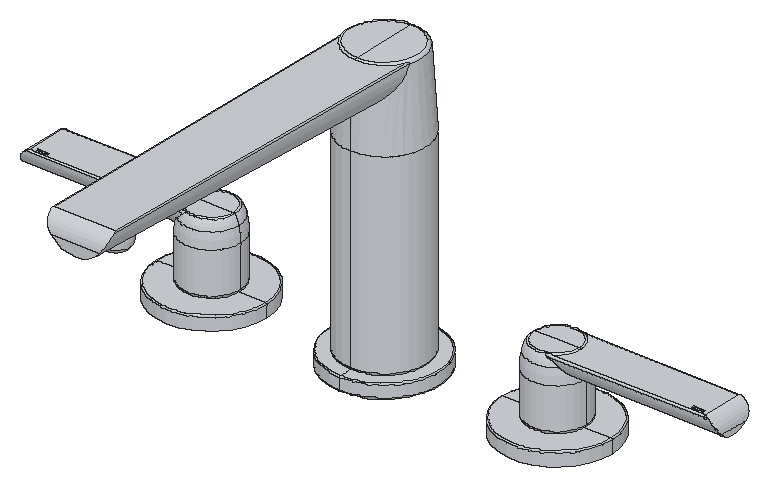
Revit family "Faucet-Deck_Mount-Bath-KOHLER-AVID-K-97363T_1", category Plumbing Fixtures, host Face, Revit 2017
Family settings
  Host = Face
  Round Connector Dimension = Use Diameter
  Part Type = Normal
  OmniClass Number = 23.31.11.00
  OmniClass Title = Faucets
  Cut with Voids When Loaded = No
  Shared = No
  Room Calculation Point = No
Parameters (values of type "9.25 GPM, CP-Polished Chrome")
  Width [instance] = Faucet Hole Spacing  # 8"
  WaterSense Certified = 1 = 0  # no
  Waste Water Outlet = "Waste Water Outlet"  # constant formula
  Waste Connection = 1 = 0  # no
  Vent Connection = 1 = 0  # no
  URL = "http://www.kohler.com.cn/en/"
  Type = 1
  Spout Reach = 7 51/64"  # constant formula
  Product Page URL = "http://www.kohler.com.cn/product/K-97363T/K-97363T-4-CP/"
  Product Name = "AVID"  # constant formula
  Product Documentation Link = ""
  Pressure = if(or(Type = 1, Type = 2), 60.00 psi, 45.00 psi)  # 60.00 psi
  Model = if(Type = 1, "K-97363T-4-CP", if(Type = 2, "K-97363T-4-TT", if(Type = 3, "K-97363T-4E-CP", if(Type = 4, "K-97363T-4E-TT", "NA"))))  # "K-97363T-4-CP"
  Material = "Premium Metal Construction"  # constant formula
  Master Format 2014 Name = "Residential Faucets, Supplies, and Trim"  # constant formula
  Master Format 2014 = "22 41 39"  # constant formula
  Manufacturer Address = "158 Jiangchang 3rd Road Zhabei District Shanghai, 200436 China"  # constant formula
  Manufacturer = "KOHLER Co."  # constant formula
  Length = Spout Reach  # 7 51/64"
  Hot Water Inlet = "Hot Water Inlet"  # constant formula
  Height = 6 109/128"  # constant formula
  Handle Clearance = 4 3/32"  # constant formula
  HW Connection = 1 = 1  # yes
  Flow Rate = if(or(Type = 1, Type = 2), 9.25 GPM, 12 GPM)  # 9.25 GPM
  Finish = Kohler-Metal-CP-Polished_Chrome
  Faucet Hole Spacing [instance] = 8"
  Environmental Product Declaration = ""
  Drain Included = 1 = 0  # no
  Description = if(or(Type = 1, Type = 2), "Cylinder side double handle bathtub faucet", if(or(Type = 3, Type = 4), "Two handle deckmount bath faucet", "NA"))  # "Cylinder side double handle bathtub faucet"
  Default Elevation = 36"
  Declare Label = ""
  Date Modified = "06/10/2020"  # constant formula
  Date Created = "06/10/2020"  # constant formula
  Copyright = "Copyright KOHLER Co."  # constant formula
  Contact Us = "http://www.kohler.com.cn/en/contact/contact-us/"
  Cold Water Inlet = "Cold Water Inlet"  # constant formula
  CW Connection = 1 = 1  # yes
  Assembly Code = "D2010"
  ADA Compliant = 1 = 0  # no
Types (5): name | Type | Product Page URL | Pressure | Model | Flow Rate | Finish | Description
  (no name) | 1 | "http://www.kohler.com.cn/product/K-97363T/K-97363T-4-CP/" | 60.00 psi | "K-97363T-4-CP" | 9.25 GPM | Kohler-Metal-CP-Polished_Chrome | "Cylinder side double handle bathtub faucet"
  9.25 GPM, CP-Polished Chrome | 1 | "http://www.kohler.com.cn/product/K-97363T/K-97363T-4-CP/" | 60.00 psi | "K-97363T-4-CP" | 9.25 GPM | Kohler-Metal-CP-Polished_Chrome | "Cylinder side double handle bathtub faucet"
  9.25 GPM, TT-Titanium Silver | 2 | "http://www.kohler.com.cn/product/K-97363T/K-97363T-4-TT/" | 60.00 psi | "K-97363T-4-TT" | 9.25 GPM | Kohler-Metal-TT-Titanium_Silver | "Cylinder side double handle bathtub faucet"
  12 GPM, CP-Polished Chrome | 3 | "" | 45.00 psi | "K-97363T-4E-CP" | 12 GPM | Kohler-Metal-CP-Polished_Chrome | "Two handle deckmount bath faucet"
  12 GPM, TT-Titanium Silver | 4 | "" | 45.00 psi | "K-97363T-4E-TT" | 12 GPM | Kohler-Metal-TT-Titanium_Silver | "Two handle deckmount bath faucet"
Reference planes (in)
  plane 1 "Center (Front/Back)": y = 0
  plane 2: z = 0
  plane 3 "Center (Left/Right)": x = 0
  plane 4: x = -4
  plane 5: x = 4
  plane 6: x = -1.27953
  plane 7: x = 1.27953
  plane 8: y = 1.27953
  plane 9: y = -1.27953
  plane 10: x = -5.27953
  plane 11: x = -2.72047
  plane 12: x = -8.09375
  plane 13: x = 5.27953
  plane 14: x = 2.72047
  plane 15: x = 8.09375
  plane 16: z = 1.9685
  plane 17: z = 0.3125
  plane 18: x = -4.6811
  plane 19: x = -3.3189
  plane 20: x = 3.3189
  plane 21: x = 4.6811
  plane 22: y = 0.96875
  plane 23: y = -0.96875
  plane 24: y = 0.68111
  plane 25: y = -0.68111
  plane 26: z = 5.98425
  plane 27: z = 6.85156
  plane 28: y = -8.95251
  plane 29: y = -7.79688
Dimensions and locks (in)
  equal spacing: plane 4, plane 3 "Center (Left/Right)", plane 5
  "Height": plane 27 to plane 2
  plane 26 to plane 2 = 5.98425"
  "Spout Reach": plane 1 "Center (Front/Back)" to plane 29
  locked: plane 9 to plane 8 at 2.55906
  locked: plane 6 to plane 7 at 2.55906
  "Handle Clearance": plane 4 to plane 12
  plane 16 to plane 2 = 1.9685"
  "Handle Clearance": plane 5 to plane 15
  locked: plane 4 to plane 18 at 0.6811
  locked: plane 18 to plane 19 at 1.3622
  locked: plane 4 to plane 10 at 1.27953
  locked: plane 11 to plane 10 at 2.55906
  locked: plane 5 to plane 21 at 0.6811
  locked: plane 20 to plane 21 at 1.3622
  locked: plane 5 to plane 13 at 1.27953
  locked: plane 14 to plane 13 at 2.55906
  "Faucet Hole Spacing": plane 4 to plane 5
  locked: plane 1 "Center (Front/Back)" to plane 28 at 8.95251
  aligned and locked: plane 2 to host face
  aligned and locked: level to host face
  aligned and locked: nested 2 to plane 4
  aligned and locked: nested 3 to plane 5
  aligned and locked: nested 3 to plane 1 "Center (Front/Back)"
  aligned and locked: plane 1 "Center (Front/Back)" to nested 2
  aligned and locked: plane 1 "Center (Front/Back)" to nested 1
  aligned and locked: plane 3 "Center (Left/Right)" to nested 1
Automatic sketch dimensions
  host sketch curve to host sketch curve = 96"  (x2)
Nested families (in)
  nested 1: "K-97363T" at (0, 0, 0), type "K-97363T"
  nested 2: "K-97363T_Handle_Left" at (1.90551, 0, 0), type "K-97363T_Handle_Left"
  nested 3: "K-97363T_Handle_Right" at (-1.90551, 0, 0) x (-1, 0, 0) z (0, 0, 1), type "K-97363T_Handle_Right"
Connectors (in)
  piping at (-4, 0, 0), diameter 0.5, driven by "Flow Rate", driven by "Pressure", driven by "HW Connection", driven by "Hot Water Inlet"
    settings: on nested 2, index 1, connector inside diameter 24", connector length 0", flow factor 0, pipe flow 9.25 GPM, pressure drop 60.00 psi, fitting loss kfactor 0, connector angle 0.00°, fixture units 0, engagement length 0", angle of deflection 0.00°, flow configuration 1, flow direction 1, fitting loss method 4, system type 19, joint type 0, gender type 0, connector reference index -1, connector utility 1, adjustable connector no, is connector primary yes, connector description "Hot Water Inlet"
  piping at (4, 0, 0), diameter 0.5, driven by "Flow Rate", driven by "Pressure", driven by "CW Connection", driven by "Cold Water Inlet"
    settings: on nested 3, index 2, connector inside diameter 24", connector length 0", flow factor 0, pipe flow 9.25 GPM, pressure drop 60.00 psi, fitting loss kfactor 0, connector angle 0.00°, fixture units 0, engagement length 0", angle of deflection 0.00°, flow configuration 1, flow direction 1, fitting loss method 4, system type 20, joint type 0, gender type 0, connector reference index -1, connector utility 1, adjustable connector no, is connector primary no, connector description "Cold Water Inlet"
Definition of nested family "K-97363T"
  Parameters (values of type "K-97363T")
    Material = none
    Length = 2 9/16"
  Reference planes (in)
    plane 1 "Center (Front/Back)": y = 0
    plane 2: z = 0
    plane 3 "Center (Left/Right)": x = 0
    plane 4: y = 1.27953
    plane 5: y = -1.27953
    plane 6: y = 0.96875
    plane 7: y = -0.96875
    plane 8: x = -1.27953
    plane 9: x = 1.27953
    plane 10: y = 1.27953
    plane 11: y = -1.27953
    plane 12: y = -7.79528
    plane 13: z = 5.98425
    plane 14: z = 6.85039
    plane 15: y = 0.96875
    plane 16: y = -0.96875
    plane 17: y = -8.95251
    plane 18: x = -0.96875
    plane 19: x = 0.96875
    plane 20: z = 0.3125
  Forms (in)
    Revolve 1, solid, material <- "Material", detail levels medium+fine
      sketch origin (0, 0, 0) x (0, 1, 0) y (0, 0, 1)
        loop
          line (0, 6.70949) -> (0, 0) -> (1.25958, 0)
          arc (1.25958, 0) -> (1.27369, 0.00584) -> (1.27953, 0.01995) r 0.01995
          line (1.27953, 0.01995) -> (1.27953, 0.29105)
          arc (1.27953, 0.29105) -> (1.27325, 0.30622) -> (1.25808, 0.3125) r 0.02145
          line (1.25808, 0.3125) -> (0.93636, 0.3125)
          arc (0.93636, 0.3125) -> (0.95954, 0.32531) -> (0.96875, 0.35014) r 0.03806
          line (0.96875, 0.35014) -> (0.96875, 4.84375)
          arc (0.96875, 4.84375) -> (0.94047, 5.73722) -> (0.85575, 6.62712) r 14.12906
          arc (0.85575, 6.62712) -> (0.8302, 6.6758) -> (0.77903, 6.6959) r 0.07872
          line (0.77903, 6.6959) -> (0, 6.70949)
        axis (0, 0) -> (0, 6.70949)
      angle from 0 to 360
    SweptBlend 2, solid, material <- "Material", detail levels medium+fine
      path origin (0, 0, 0) x (0, 1, 0) y (0, 0, 1)
        loop
          line (-9.3912, 6.82331) -> (-0.05044, 6.61628)
      profile origin (0, -9.3912, 6.82331) x (0, 0.022159, 0.999754) y (1, 0, 0)
        loop
          line (0.01235, -0.70312) -> (0.01235, 0.70312)
          arc (0.01235, 0.70312) -> (0.00297, 0.72366) -> (-0.01871, 0.73002) r 0.02718
          arc (-0.01871, 0.73002) -> (-0.46735, 0.4824) -> (-0.64025, 0) r 0.7251
          arc (-0.64025, 0) -> (-0.46735, -0.4824) -> (-0.01871, -0.73002) r 0.7251
          arc (-0.01871, -0.73002) -> (0.00297, -0.72366) -> (0.01235, -0.70312) r 0.02718
      end profile origin (0, -0.05044, 6.61628) x (0, 0.022159, 0.999754) y (1, 0, 0)
        loop
          line (0.04821, -0.77397) -> (0.04821, 0.77397)
          arc (0.04821, 0.77397) -> (0.04015, 0.79459) -> (0.02024, 0.80429) r 0.03041
          arc (0.02024, 0.80429) -> (-0.59181, 0.59307) -> (-0.85158, 0) r 0.8069
          arc (-0.85158, 0) -> (-0.59181, -0.59307) -> (0.02024, -0.80429) r 0.8069
          arc (0.02024, -0.80429) -> (0.04015, -0.79459) -> (0.04821, -0.77397) r 0.03041
    Extrusion 3, void
      sketch origin (0, 0, 0) x (0, 1, 0) y (0, 0, 1)
        loop
          arc (-8.9375, 6.4053) -> (-8.80631, 6.72202) -> (-8.48959, 6.85321) r 0.44791
          line (-8.48959, 6.85321) -> (-8.31413, 6.85321) -> (-8.31413, 7.35321) -> (-9.75164, 7.35321) -> (-9.75164, 5.71132) -> (-8.9375, 5.71132) -> (-8.9375, 6.4053)
      from -1.08131 to 1.96043
    Revolve 4, solid, material <- "Material", detail levels medium+fine
      sketch origin (0, -1.95446, -4.47327) x (0, 1, 0) y (0, 0, 1)
        loop
          line (-5.52175, 10.41682) -> (-5.49047, 10.41516)
          arc (-5.49047, 10.41516) -> (-5.47065, 10.56038) -> (-5.48979, 10.70568) r 0.55137
          line (-5.48979, 10.70568) -> (-5.8069, 10.72245) -> (-5.82679, 10.34628) -> (-5.56788, 10.33258)
          arc (-5.56788, 10.33258) -> (-5.53805, 10.37099) -> (-5.52175, 10.41682) r 0.1533
        axis (-5.8069, 10.72245) -> (-5.82679, 10.34628)
      angle from 0 to 360
    Revolve 5, solid, material <- "Material", detail levels coarse
      sketch origin (0, 0, 0) x (0, 1, 0) y (0, 0, 1)
        loop
          line (1.28125, 0) -> (1.28125, 0.3125) -> (0.96875, 0.3125) -> (0.96875, 6.8125) -> (0, 6.8125) -> (0, 0) -> (1.28125, 0)
        axis (0, 6.8125) -> (0, 0)
      angle from 0 to 360
    Extrusion 6, solid, material <- "Material", detail levels coarse
      sketch origin (0, 0, 0) x (0, 1, 0) y (0, 0, 1)
        loop
          line (0, 6.8125) -> (-8.9375, 6.8125) -> (-8.9375, 6.16136) -> (0, 6.16136) -> (0, 6.8125)
      from -0.80692 to 0.90427
  Cuts and joins
    Extrusion 3 cuts SweptBlend 2
    joined: Revolve 1, SweptBlend 2, Revolve 4
    joined: Revolve 5, Extrusion 6
  Lines and regions (in)
    Masking region 1
      outline origin (0, 0, 0) x (1, 0, 0) y (0, 1, 0)
        loop
          spline (-0.73586, -8.73329) -> (-0.73246, -8.76849) -> (-0.72726, -8.80114) -> (-0.72036, -8.83106) -> (-0.71161, -8.85795) -> (-0.70062, -8.88152) -> (-0.68717, -8.90164) -> (-0.67136, -8.91823) -> (-0.65303, -8.93131) -> (-0.63228, -8.94104) -> (-0.60934, -8.94763) -> (-0.58432, -8.95135) -> (-0.55715, -8.95251)
          line (-0.55715, -8.95251) -> (0.55543, -8.95251)
          spline (0.55543, -8.95251) -> (0.58268, -8.95132) -> (0.60782, -8.94757) -> (0.63075, -8.94099) -> (0.65138, -8.9313) -> (0.66962, -8.91823) -> (0.68543, -8.90161) -> (0.69889, -8.88152) -> (0.7099, -8.85797) -> (0.71861, -8.83105) -> (0.72556, -8.80116) -> (0.73077, -8.76851) -> (0.73413, -8.7333)
          line (0.73413, -8.7333) -> (0.79697, -1.00322)
          arc (0.79697, -1.00322) -> (1.1542, -0.55717) -> (1.28125, 0) r 1.27769
          arc (1.28125, 0) -> (0.90537, 0.90487) -> (0, 1.27953) r 1.28125
          arc (0, 1.27953) -> (-0.90537, 0.90487) -> (-1.28125, 0) r 1.28125
          arc (-1.28125, 0) -> (-1.1542, -0.55717) -> (-0.79697, -1.00322) r 1.27769
          line (-0.79697, -1.00322) -> (-0.73586, -8.73329)
    Masking region 2
      outline origin (0, 0, 0) x (0, 1, 0) y (0, 0, 1)
        loop
          arc (1.27953, 0.29105) -> (1.27325, 0.30622) -> (1.25808, 0.3125) r 0.02145
          line (1.25808, 0.3125) -> (0.93636, 0.3125)
          arc (0.93636, 0.3125) -> (0.95954, 0.32531) -> (0.96875, 0.35014) r 0.03806
          line (0.96875, 0.35014) -> (0.96875, 4.8125)
          arc (0.96875, 4.8125) -> (0.94047, 5.70597) -> (0.85575, 6.59587) r 14.12906
          arc (0.85575, 6.59587) -> (0.8302, 6.64455) -> (0.77903, 6.66465) r 0.07872
          line (0.77903, 6.66465) -> (0, 6.67824) -> (-0.77903, 6.66465) -> (-8.54478, 6.85039)
          arc (-8.54478, 6.85039) -> (-8.83517, 6.70711) -> (-8.95251, 6.4053) r 0.4468
          line (-8.95251, 6.4053) -> (-8.95251, 6.1968)
          arc (-8.95251, 6.1968) -> (-8.94244, 6.17167) -> (-8.91781, 6.16045) r 0.03639
          line (-8.91781, 6.16045) -> (-8.13294, 6.12383)
          arc (-8.13294, 6.12383) -> (-8.12981, 6.09374) -> (-8.12246, 6.06439) r 0.21319
          line (-8.12246, 6.06439) -> (-8.09118, 6.06274)
          arc (-8.09118, 6.06274) -> (-8.0798, 6.01545) -> (-8.05418, 5.97411) r 0.1533
          line (-8.05418, 5.97411) -> (-7.79528, 5.96042) -> (-7.53637, 5.94673)
          arc (-7.53637, 5.94673) -> (-7.50653, 5.98514) -> (-7.49023, 6.03096) r 0.1533
          line (-7.49023, 6.03096) -> (-7.45895, 6.0293)
          arc (-7.45895, 6.0293) -> (-7.44545, 6.05907) -> (-7.44226, 6.0916) r 0.10009
          line (-7.44226, 6.0916) -> (-1.29174, 5.80466)
          arc (-1.29174, 5.80466) -> (-1.04712, 5.68988) -> (-0.95499, 5.43587) r 0.35357
          arc (-0.95499, 5.43587) -> (-0.96531, 5.12426) -> (-0.96875, 4.8125) r 14.12906
          line (-0.96875, 4.8125) -> (-0.96875, 0.35014)
          arc (-0.96875, 0.35014) -> (-0.95954, 0.32531) -> (-0.93636, 0.3125) r 0.03806
          line (-0.93636, 0.3125) -> (-1.25808, 0.3125)
          arc (-1.25808, 0.3125) -> (-1.27325, 0.30622) -> (-1.27953, 0.29105) r 0.02145
          line (-1.27953, 0.29105) -> (-1.27953, 0.01995)
          arc (-1.27953, 0.01995) -> (-1.27369, 0.00584) -> (-1.25958, 0) r 0.01995
          line (-1.25958, 0) -> (0, 0) -> (1.25958, 0)
          arc (1.25958, 0) -> (1.27369, 0.00584) -> (1.27953, 0.01995) r 0.01995
          line (1.27953, 0.01995) -> (1.27953, 0.29105)
    Masking region 3
      outline origin (0, 0, 0) x (1, 0, 0) y (0, 0, 1)
        loop
          line (-1.27953, 0.29105) -> (-1.27953, 0.01995)
          arc (-1.27953, 0.01995) -> (-1.27369, 0.00584) -> (-1.25958, 0) r 0.01995
          line (-1.25958, 0) -> (0, 0) -> (1.25958, 0)
          arc (1.25958, 0) -> (1.27369, 0.00584) -> (1.27953, 0.01995) r 0.01995
          line (1.27953, 0.01995) -> (1.27953, 0.29105)
          arc (1.27953, 0.29105) -> (1.27325, 0.30622) -> (1.25808, 0.3125) r 0.02145
          line (1.25808, 0.3125) -> (0.93636, 0.3125)
          arc (0.93636, 0.3125) -> (0.95954, 0.32531) -> (0.96875, 0.35014) r 0.03806
          line (0.96875, 0.35014) -> (0.96875, 4.85039)
          arc (0.96875, 4.85039) -> (0.94047, 5.74387) -> (0.85575, 6.63376) r 14.12906
          arc (0.85575, 6.63376) -> (0.834, 6.67881) -> (0.78951, 6.70165) r 0.07872
          line (0.78951, 6.70165) -> (0.73747, 6.83392)
          arc (0.73747, 6.83392) -> (0.72792, 6.84589) -> (0.71329, 6.85039) r 0.02598
          line (0.71329, 6.85039) -> (-0.71329, 6.85039)
          arc (-0.71329, 6.85039) -> (-0.72792, 6.84589) -> (-0.73747, 6.83392) r 0.02598
          line (-0.73747, 6.83392) -> (-0.78951, 6.70165)
          arc (-0.78951, 6.70165) -> (-0.834, 6.67881) -> (-0.85575, 6.63376) r 0.07872
          arc (-0.85575, 6.63376) -> (-0.94047, 5.74387) -> (-0.96875, 4.85039) r 14.12906
          line (-0.96875, 4.85039) -> (-0.96875, 0.35014)
          arc (-0.96875, 0.35014) -> (-0.95954, 0.32531) -> (-0.93636, 0.3125) r 0.03806
          line (-0.93636, 0.3125) -> (-1.25808, 0.3125)
          arc (-1.25808, 0.3125) -> (-1.27325, 0.30622) -> (-1.27953, 0.29105) r 0.02145
    symbolic lines, detail levels medium+fine
      curve 1: spline (-0.2994, 0, 6.07732) -> (-0.33014, 0, 6.08396) -> (-0.32386, 0, 6.09084) -> (-0.28125, 0, 6.09722) -> (-0.20708, 0, 6.10236) -> (-0.10969, 0, 6.1057) -> (0, 0, 6.10685) -> (0.10969, 0, 6.1057) -> (0.20708, 0, 6.10236) -> (0.28125, 0, 6.09722) -> (0.32386, 0, 6.09084) -> (0.33014, 0, 6.08396) -> (0.2994, 0, 6.07732)
      curve 2: arc (-0.33219, 0, 6.08602) -> (-0.34243, 0, 6.16626) -> (-0.34428, 0, 6.24713) r 0.77883
      curve 3: spline (-0.25927, 0, 5.99794) -> (-0.25103, 0, 5.99452) -> (-0.22684, 0, 5.99131) -> (-0.18822, 0, 5.98853) -> (-0.13765, 0, 5.98634) -> (-0.07833, 0, 5.98489) -> (-0.01402, 0, 5.98427) -> (0.05117, 0, 5.98452) -> (0.11311, 0, 5.98562) -> (0.16786, 0, 5.98751) -> (0.21195, 0, 5.99006) -> (0.24256, 0, 5.99311) -> (0.25775, 0, 5.99647)
      curve 4: arc (-0.25927, 0, 5.99794) -> (-0.28954, 0, 6.04241) -> (-0.30085, 0, 6.09499) r 0.14033
      curve 5: arc (0.25775, 0, 5.99647) -> (0.28912, 0, 6.04143) -> (0.30085, 0, 6.09499) r 0.14033
      curve 6: arc (0.33219, 0, 6.08597) -> (0.34242, 0, 6.16624) -> (0.34428, 0, 6.24713) r 0.77883
      curve 7: line (0, -7.44226, 6.0916) -> (0, -8.13294, 6.12383)
      curve 8: line (0, 0.93636, 0.3125) -> (0, -0.93808, 0.3125)
      curve 9: line (-0.93808, 0, 0.3125) -> (0.93808, 0, 0.3125)
      curve 10: line (-0.80228, -0.53963, 0) -> (-0.79809, -1.00322, 0)
      curve 11: line (0.80228, -0.53963, 0) -> (0.79809, -1.00322, 0)
      curve 12: line (-0.73648, -8.65637, 0) -> (0.73648, -8.65637, 0)
      curve 13: arc (-0.96875, 0, 0) -> (-0.68501, 0.68501, 0) -> (0, 0.96875, 0) r 0.96875
      curve 14: arc (-0.80228, -0.53963, 0) -> (-0.92619, -0.28236, 0) -> (-0.96875, 0, 0) r 0.95788
      curve 15: arc (0.96875, 0, 0) -> (0.68501, 0.68501, 0) -> (0, 0.96875, 0) r 0.96875
      curve 16: arc (0.80228, -0.53963, 0) -> (0.92619, -0.28236, 0) -> (0.96875, 0, 0) r 0.95788
      curve 17: arc (0.80228, -0.27651, 0) -> (0, 0.8486, 0) -> (-0.80228, -0.27651, 0) r 0.8486
      curve 18: line (-0.80228, -0.53963, 0) -> (-0.80228, -0.27651, 0)
      curve 19: line (0.80228, -0.53963, 0) -> (0.80228, -0.27651, 0)
      curve 20: line (0, -7.49023, 6.03096) -> (0, -8.09118, 6.06274)
      curve 21: arc (-0.73747, 0, 6.83392) -> (-0.49875, 0, 6.35534) -> (0, 0, 6.16225) r 0.74069
      curve 22: arc (0.73747, 0, 6.83392) -> (0.49875, 0, 6.35534) -> (0, 0, 6.16225) r 0.74069
      curve 23: arc (-0.62158, 0, 6.08668) -> (-0.34147, 0, 5.8778) -> (0, 0, 5.80374) r 0.82425
      curve 24: arc (-0.78951, 0, 6.70165) -> (-0.77591, 0, 6.37495) -> (-0.62158, 0, 6.08668) r 0.73293
      curve 25: arc (0.62158, 0, 6.08668) -> (0.34147, 0, 5.8778) -> (0, 0, 5.80374) r 0.82425
      curve 26: arc (0.78951, 0, 6.70165) -> (0.77591, 0, 6.37495) -> (0.62158, 0, 6.08668) r 0.73293
  Dimensions and locks (in)
    locked: plane 8 to plane 9 at 2.55906
    locked: plane 11 to plane 10 at 2.55906
    locked: plane 1 "Center (Front/Back)" to plane 12 at 7.79528
    locked: plane 13 to plane 2 at 5.98425
    locked: plane 14 to plane 2 at 6.85039
    locked: plane 15 to plane 17 at 9.92126
    aligned and locked: plane 2 to level
Definition of nested family "K-97363T_Handle_Left"
  Parameters (values of type "K-97363T_Handle_Left")
    Material = none
    Length = 2 9/16"
  Reference planes (in)
    plane 1 "Center (Front/Back)": y = 0
    plane 2: z = 0
    plane 3 "Center (Left/Right)": x = 0
    plane 4: x = -5.90551
    plane 5: x = -7.18504
    plane 6: x = -4.62598
    plane 7: y = 1.27953
    plane 8: y = -1.27953
    plane 9: z = 1.9685
    plane 10: x = -10
    plane 11: x = -6.58661
    plane 12: x = -5.22441
    plane 13: z = 0.3125
  Forms (in)
    Revolve 1, solid, material <- "Material", detail levels medium+fine
      sketch origin (0, 0, 0) x (1, 0, 0) y (0, 0, 1)
        loop
          line (-5.90551, 0) -> (-4.62598, 0) -> (-4.62598, 0.28559)
          arc (-4.62598, 0.28559) -> (-4.63387, 0.30462) -> (-4.6529, 0.3125) r 0.02691
          line (-4.6529, 0.3125) -> (-5.51181, 0.3125) -> (-5.51181, 0.3492) -> (-5.26231, 0.3492)
          arc (-5.26231, 0.3492) -> (-5.23551, 0.3603) -> (-5.22441, 0.3871) r 0.0379
          line (-5.22441, 0.3871) -> (-5.22441, 1.34623)
          arc (-5.22441, 1.34623) -> (-5.23408, 1.52444) -> (-5.26296, 1.70056) r 1.64752
          arc (-5.26296, 1.70056) -> (-5.29976, 1.80999) -> (-5.35909, 1.90903) r 0.53732
          arc (-5.35909, 1.90903) -> (-5.37396, 1.92137) -> (-5.39277, 1.92579) r 0.04222
          line (-5.39277, 1.92579) -> (-5.90551, 1.92579) -> (-5.90551, 0)
        axis (-5.90551, 1.92579) -> (-5.90551, 0)
      angle from 0 to 360
    SweptBlend 2, solid, material <- "Material", detail levels medium+fine
      path origin (0, 0, -0.00692) x (1, 0, 0) y (0, 0, 1)
        loop
          line (-10.29578, 1.92126) -> (-5.90551, 1.92126)
      profile origin (-10.29578, 0, 1.91434) x (0, 0, 1) y (0, -1, 0)
        loop
          line (0, -0.49239) -> (0, 0.46996)
          arc (0, 0.46996) -> (-0.01132, 0.49592) -> (-0.03804, 0.5053) r 0.03543
          arc (-0.03804, 0.5053) -> (-0.39017, 0.32915) -> (-0.51644, -0.04378) r 0.5175
          arc (-0.51644, -0.04378) -> (-0.3674, -0.37525) -> (-0.03715, -0.52696) r 0.5175
          arc (-0.03715, -0.52696) -> (-0.01105, -0.51776) -> (0, -0.49239) r 0.03466
      end profile origin (-5.90551, 0, 1.91434) x (0, 0, 1) y (0, -1, 0)
        loop
          line (0, -0.49979) -> (0, 0.49192)
          arc (0, 0.49192) -> (-0.01276, 0.52094) -> (-0.04277, 0.53114) r 0.03937
          arc (-0.04277, 0.53114) -> (-0.38335, 0.35936) -> (-0.51129, 0) r 0.51317
          arc (-0.51129, 0) -> (-0.37325, -0.35052) -> (-0.04686, -0.53863) r 0.57064
          arc (-0.04686, -0.53863) -> (-0.0143, -0.53022) -> (0, -0.49979) r 0.03953
    Extrusion 3, void
      sketch origin (0, 0, 0.00615) x (1, 0, 0) y (0, 0, 1)
        loop
          line (-9.46428, 1.93637) -> (-9.46428, 2.47344) -> (-10.52387, 2.47344) -> (-10.52387, 0.95018) -> (-9.46428, 0.95018) -> (-9.46428, 1.25761) -> (-9.69971, 1.26181) -> (-9.69971, 1.35642) -> (-10.00158, 1.3618) -> (-9.99868, 1.52447)
          arc (-9.99868, 1.52447) -> (-9.87326, 1.81617) -> (-9.57938, 1.93637) r 0.41937
          line (-9.57938, 1.93637) -> (-9.46428, 1.93637)
      from -0.78377 to 0.6839
    Extrusion 4, solid, material <- "Material", detail levels medium+fine
      sketch origin (0, 0, 0) x (1, 0, 0) y (0, 1, 0)
        loop
          circle (-5.90551, 0) r 0.10312
      from 0 to 0.03765
    Revolve 5, solid, material <- "Material", detail levels coarse
      sketch origin (0, 0, 0) x (1, 0, 0) y (0, 0, 1)
        loop
          line (-5.90551, 1.90625) -> (-6.58661, 1.90625) -> (-6.58661, 0.3125) -> (-7.18676, 0.3125) -> (-7.18676, 0) -> (-5.90551, 0) -> (-5.90551, 1.90625)
        axis (-5.90551, 1.90625) -> (-5.90551, 0)
      angle from 0 to 360
    Extrusion 6, solid, material <- "Material", detail levels coarse
      sketch origin (0, 0, 0) x (1, 0, 0) y (0, 0, 1)
        loop
          line (-5.90551, 1.90625) -> (-9.99926, 1.90625) -> (-9.99926, 1.3905) -> (-5.90551, 1.3905) -> (-5.90551, 1.90625)
      from -0.55516 to 0.53206
    Extrusion 7, void
      sketch origin (0, 0, 0) x (1, 0, 0) y (0, 1, 0)
        loop
          line (-9.61877, -0.42432) -> (-9.36347, -0.42432) -> (-9.36347, -0.36979) -> (-9.61877, -0.36979) -> (-9.61877, -0.42432)
      from 1.79942 to 2.09844
    Extrusion 8, solid, detail levels medium+fine
      sketch origin (0, 0, 0) x (1, 0, 0) y (0, 1, 0)
        loop
          line (-9.61877, -0.36979) -> (-9.61877, -0.42432) -> (-9.36347, -0.42432) -> (-9.36347, -0.36979) -> (-9.61877, -0.36979)
      from 1.79942 to 1.91434
  Cuts and joins
    Extrusion 3, Extrusion 7 cuts SweptBlend 2
    joined: Revolve 1, SweptBlend 2
    joined: Revolve 5, Extrusion 6
  Lines and regions (in)
    Masking region 1
      outline origin (0, 0, 0) x (1, 0, 0) y (0, 1, 0)
        loop
          arc (-7.07255, -0.5246) -> (-6.59993, -1.07349) -> (-5.90551, -1.27953) r 1.28488
          arc (-5.90551, -1.27953) -> (-4.99913, -0.90588) -> (-4.62426, 0) r 1.27781
          arc (-4.62426, 0) -> (-5.00014, 0.90487) -> (-5.90551, 1.27953) r 1.28125
          arc (-5.90551, 1.27953) -> (-6.60048, 1.07434) -> (-7.07255, 0.5246) r 1.27953
          line (-7.07255, 0.5246) -> (-9.82923, 0.50812)
          spline (-9.82923, 0.50812) -> (-9.85691, 0.50621) -> (-9.88252, 0.50267) -> (-9.90594, 0.49762) -> (-9.92696, 0.49094) -> (-9.94525, 0.48209) -> (-9.96082, 0.47093) -> (-9.97356, 0.4575) -> (-9.98352, 0.44161) -> (-9.9909, 0.42337) -> (-9.99591, 0.403) -> (-9.99883, 0.38061) -> (-10, 0.35611)
          line (-10, 0.35611) -> (-10, -0.33744)
          spline (-10, -0.33744) -> (-9.99866, -0.36518) -> (-9.99532, -0.39052) -> (-9.98959, -0.41354) -> (-9.98116, -0.43412) -> (-9.96974, -0.45202) -> (-9.95516, -0.46712) -> (-9.93738, -0.47961) -> (-9.9165, -0.4895) -> (-9.8925, -0.49687) -> (-9.86582, -0.50248) -> (-9.83663, -0.50632) -> (-9.80508, -0.50827)
          line (-9.80508, -0.50827) -> (-7.07255, -0.5246)
    Masking region 2
      outline origin (0, 0, 0) x (0, 1, 0) y (0, 0, 1)
        loop
          line (0, 0) -> (1.27953, 0) -> (1.27953, 0.28559)
          arc (1.27953, 0.28559) -> (1.27165, 0.30462) -> (1.25262, 0.3125) r 0.02691
          line (1.25262, 0.3125) -> (0.39371, 0.3125) -> (0.39371, 0.3492) -> (0.6432, 0.3492)
          arc (0.6432, 0.3492) -> (0.67, 0.3603) -> (0.6811, 0.3871) r 0.0379
          line (0.6811, 0.3871) -> (0.6811, 1.38894)
          arc (0.6811, 1.38894) -> (0.67144, 1.56716) -> (0.64255, 1.74328) r 1.64752
          arc (0.64255, 1.74328) -> (0.60575, 1.8527) -> (0.54642, 1.95174) r 0.53732
          arc (0.54642, 1.95174) -> (0.53156, 1.96408) -> (0.51275, 1.9685) r 0.04222
          line (0.51275, 1.9685) -> (0, 1.9685) -> (-0.51275, 1.9685)
          arc (-0.51275, 1.9685) -> (-0.53156, 1.96408) -> (-0.54642, 1.95174) r 0.04222
          arc (-0.54642, 1.95174) -> (-0.60575, 1.8527) -> (-0.64255, 1.74328) r 0.53732
          arc (-0.64255, 1.74328) -> (-0.67144, 1.56716) -> (-0.6811, 1.38894) r 1.64752
          line (-0.6811, 1.38894) -> (-0.6811, 0.3871)
          arc (-0.6811, 0.3871) -> (-0.67, 0.3603) -> (-0.6432, 0.3492) r 0.0379
          line (-0.6432, 0.3492) -> (-0.39371, 0.3492) -> (-0.39371, 0.3125) -> (-1.25262, 0.3125)
          arc (-1.25262, 0.3125) -> (-1.27165, 0.30462) -> (-1.27953, 0.28559) r 0.02691
          line (-1.27953, 0.28559) -> (-1.27953, 0) -> (0, 0)
    Masking region 3
      outline origin (0, 0, 0) x (1, 0, 0) y (0, 0, 1)
        loop
          line (-5.90551, 0) -> (-4.62598, 0) -> (-4.62598, 0.28559)
          arc (-4.62598, 0.28559) -> (-4.63387, 0.30462) -> (-4.6529, 0.3125) r 0.02691
          line (-4.6529, 0.3125) -> (-5.51181, 0.3125) -> (-5.51181, 0.3492) -> (-5.26231, 0.3492)
          arc (-5.26231, 0.3492) -> (-5.23551, 0.3603) -> (-5.22441, 0.3871) r 0.0379
          line (-5.22441, 0.3871) -> (-5.22441, 1.38894)
          arc (-5.22441, 1.38894) -> (-5.23408, 1.56716) -> (-5.26296, 1.74328) r 1.64752
          arc (-5.26296, 1.74328) -> (-5.29976, 1.8527) -> (-5.35909, 1.95174) r 0.53732
          arc (-5.35909, 1.95174) -> (-5.37396, 1.96408) -> (-5.39277, 1.9685) r 0.04222
          line (-5.39277, 1.9685) -> (-5.90551, 1.9685) -> (-9.66852, 1.9685)
          arc (-9.66852, 1.9685) -> (-9.76032, 1.95078) -> (-9.83891, 1.90014) r 0.24651
          arc (-9.83891, 1.90014) -> (-9.95804, 1.72813) -> (-10, 1.52315) r 0.52166
          line (-10, 1.52315) -> (-10, 1.41111)
          arc (-10, 1.41111) -> (-9.99396, 1.39654) -> (-9.97939, 1.3905) r 0.02061
          line (-9.97939, 1.3905) -> (-6.75629, 1.3905)
          arc (-6.75629, 1.3905) -> (-6.63631, 1.34081) -> (-6.58661, 1.22083) r 0.16967
          line (-6.58661, 1.22083) -> (-6.58661, 0.3871)
          arc (-6.58661, 0.3871) -> (-6.57551, 0.3603) -> (-6.54871, 0.3492) r 0.0379
          line (-6.54871, 0.3492) -> (-6.29922, 0.3492) -> (-6.29922, 0.3125) -> (-7.15813, 0.3125)
          arc (-7.15813, 0.3125) -> (-7.17716, 0.30462) -> (-7.18504, 0.28559) r 0.02691
          line (-7.18504, 0.28559) -> (-7.18504, 0) -> (-5.90551, 0)
    symbolic lines, detail levels medium+fine
      curve 1: line (-6.29922, 0, 0.3125) -> (-5.51181, 0, 0.3125)
      curve 2: line (-6.29922, 0, 0.3492) -> (-5.51181, 0, 0.3492)
      curve 3: arc (0, 0.53863, 1.92164) -> (0, 0.52534, 1.95914) -> (0, 0.48617, 1.96609) r 0.03953
      curve 4: arc (0, 0, 1.45722) -> (0, 0.35052, 1.59525) -> (0, 0.53863, 1.92164) r 0.57064
      curve 5: arc (0, -0.53863, 1.92164) -> (0, -0.52534, 1.95914) -> (0, -0.48617, 1.96609) r 0.03953
      curve 6: arc (0, 0, 1.45722) -> (0, -0.35052, 1.59525) -> (0, -0.53863, 1.92164) r 0.57064
      curve 7: line (0, 0.39371, 0.3125) -> (0, -0.39371, 0.3125)
      curve 8: line (0, 0.39371, 0.3492) -> (0, -0.39371, 0.3492)
      curve 9: line (-9.73052, 0.50871, 0) -> (-9.73052, -0.50871, 0)
      curve 10: arc (-6.33991, -0.5246, 0) -> (-5.22441, 0, 0) -> (-6.33991, 0.5246, 0) r 0.6811
      curve 11: line (-7.07255, -0.5246, 0) -> (-6.04485, -0.5246, 0)
      curve 12: line (-7.07255, 0.5246, 0) -> (-6.04485, 0.5246, 0)
      curve 13: arc (-6.04485, -0.5246, 0) -> (-5.36273, 0, 0) -> (-6.04485, 0.5246, 0) r 0.54279
      curve 14: arc (0, 0.27598, 1.54084) -> (0, 0.43394, 1.70171) -> (0, 0.5188, 1.91059) r 0.5813
      curve 15: arc (0, 0.5188, 1.91059) -> (0, 0.50879, 1.95052) -> (0, 0.47177, 1.9685) r 0.04869
      curve 16: arc (0, -0.27598, 1.54084) -> (0, -0.43394, 1.70171) -> (0, -0.5188, 1.91059) r 0.5813
      curve 17: arc (0, -0.5188, 1.91059) -> (0, -0.50879, 1.95052) -> (0, -0.47177, 1.9685) r 0.04869
      curve 18: line (-9.36347, -0.36979, 0) -> (-9.61877, -0.36979, 0)
      curve 19: line (-9.61877, -0.36979, 0) -> (-9.61877, -0.42432, 0)
      curve 20: line (-9.61877, -0.42432, 0) -> (-9.36347, -0.42432, 0)
      curve 21: line (-9.36347, -0.42432, 0) -> (-9.36347, -0.36979, 0)
  Dimensions and locks (in)
    locked: plane 5 to plane 6 at 2.55906
    locked: plane 7 to plane 8 at 2.55906
    locked: plane 9 to plane 2 at 1.9685
    locked: plane 10 to plane 4 at 4.09449
    locked: plane 10 to plane 11 at 3.41339
    aligned and locked: plane 2 to level
Definition of nested family "K-97363T_Handle_Right"
  Parameters (values of type "K-97363T_Handle_Right")
    Material = none
    Length = 2 9/16"
  Reference planes (in)
    plane 1 "Center (Front/Back)": y = 0
    plane 2: z = 0
    plane 3 "Center (Left/Right)": x = 0
    plane 4: x = -5.90551
    plane 5: x = -7.18504
    plane 6: x = -4.62598
    plane 7: y = 1.27953
    plane 8: y = -1.27953
    plane 9: z = 1.9685
    plane 10: x = -10
    plane 11: x = -6.58661
    plane 12: x = -5.22441
    plane 13: z = 0.3125
  Forms (in)
    Revolve 1, solid, material <- "Material", detail levels medium+fine
      sketch origin (0, 0, 0) x (1, 0, 0) y (0, 0, 1)
        loop
          line (-5.90551, 0) -> (-4.62598, 0) -> (-4.62598, 0.28559)
          arc (-4.62598, 0.28559) -> (-4.63387, 0.30462) -> (-4.6529, 0.3125) r 0.02691
          line (-4.6529, 0.3125) -> (-5.51181, 0.3125) -> (-5.51181, 0.3492) -> (-5.26231, 0.3492)
          arc (-5.26231, 0.3492) -> (-5.23551, 0.3603) -> (-5.22441, 0.3871) r 0.0379
          line (-5.22441, 0.3871) -> (-5.22441, 1.34623)
          arc (-5.22441, 1.34623) -> (-5.23408, 1.52444) -> (-5.26296, 1.70056) r 1.64752
          arc (-5.26296, 1.70056) -> (-5.29976, 1.80999) -> (-5.35909, 1.90903) r 0.53732
          arc (-5.35909, 1.90903) -> (-5.37396, 1.92137) -> (-5.39277, 1.92579) r 0.04222
          line (-5.39277, 1.92579) -> (-5.90551, 1.92579) -> (-5.90551, 0)
        axis (-5.90551, 1.92579) -> (-5.90551, 0)
      angle from 0 to 360
    SweptBlend 2, solid, material <- "Material", detail levels medium+fine
      path origin (0, 0, -0.00692) x (1, 0, 0) y (0, 0, 1)
        loop
          line (-10.29578, 1.92126) -> (-5.90551, 1.92126)
      profile origin (-10.29578, 0, 1.91434) x (0, 0, 1) y (0, -1, 0)
        loop
          line (0, -0.49239) -> (0, 0.46996)
          arc (0, 0.46996) -> (-0.01132, 0.49592) -> (-0.03804, 0.5053) r 0.03543
          arc (-0.03804, 0.5053) -> (-0.39017, 0.32915) -> (-0.51644, -0.04378) r 0.5175
          arc (-0.51644, -0.04378) -> (-0.3674, -0.37525) -> (-0.03715, -0.52696) r 0.5175
          arc (-0.03715, -0.52696) -> (-0.01105, -0.51776) -> (0, -0.49239) r 0.03466
      end profile origin (-5.90551, 0, 1.91434) x (0, 0, 1) y (0, -1, 0)
        loop
          line (0, -0.49979) -> (0, 0.49192)
          arc (0, 0.49192) -> (-0.01276, 0.52094) -> (-0.04277, 0.53114) r 0.03937
          arc (-0.04277, 0.53114) -> (-0.38335, 0.35936) -> (-0.51129, 0) r 0.51317
          arc (-0.51129, 0) -> (-0.37325, -0.35052) -> (-0.04686, -0.53863) r 0.57064
          arc (-0.04686, -0.53863) -> (-0.0143, -0.53022) -> (0, -0.49979) r 0.03953
    Extrusion 3, void
      sketch origin (0, 0, 0.00615) x (1, 0, 0) y (0, 0, 1)
        loop
          line (-9.46428, 1.93637) -> (-9.46428, 2.47344) -> (-10.52387, 2.47344) -> (-10.52387, 0.95018) -> (-9.46428, 0.95018) -> (-9.46428, 1.25761) -> (-9.69971, 1.26181) -> (-9.69971, 1.35642) -> (-10.00158, 1.3618) -> (-9.99868, 1.52447)
          arc (-9.99868, 1.52447) -> (-9.87326, 1.81617) -> (-9.57938, 1.93637) r 0.41937
          line (-9.57938, 1.93637) -> (-9.46428, 1.93637)
      from -0.78377 to 0.6839
    Extrusion 4, solid, material <- "Material", detail levels medium+fine
      sketch origin (0, 0, 0) x (1, 0, 0) y (0, 1, 0)
        loop
          circle (-5.90551, 0) r 0.10312
      from 0 to 0.03765
    Revolve 5, solid, material <- "Material", detail levels coarse
      sketch origin (0, 0, 0) x (1, 0, 0) y (0, 0, 1)
        loop
          line (-5.90551, 1.90625) -> (-6.58661, 1.90625) -> (-6.58661, 0.3125) -> (-7.18676, 0.3125) -> (-7.18676, 0) -> (-5.90551, 0) -> (-5.90551, 1.90625)
        axis (-5.90551, 1.90625) -> (-5.90551, 0)
      angle from 0 to 360
    Extrusion 6, solid, material <- "Material", detail levels coarse
      sketch origin (0, 0, 0) x (1, 0, 0) y (0, 0, 1)
        loop
          line (-5.90551, 1.90625) -> (-9.99926, 1.90625) -> (-9.99926, 1.3905) -> (-5.90551, 1.3905) -> (-5.90551, 1.90625)
      from -0.55516 to 0.53206
    Extrusion 7, void
      sketch origin (0, 0, 0) x (1, 0, 0) y (0, 1, 0)
        loop
          line (-9.61877, 0.42432) -> (-9.61877, 0.36979) -> (-9.36347, 0.36979) -> (-9.36347, 0.42432) -> (-9.61877, 0.42432)
      from 1.79942 to 2.09844
    Extrusion 8, solid, detail levels medium+fine
      sketch origin (0, 0, 0) x (1, 0, 0) y (0, 1, 0)
        loop
          line (-9.61877, 0.36979) -> (-9.36347, 0.36979) -> (-9.36347, 0.42432) -> (-9.61877, 0.42432) -> (-9.61877, 0.36979)
      from 1.79942 to 1.91434
  Cuts and joins
    Extrusion 7 cuts Revolve 1
    Extrusion 3, Extrusion 7 cuts SweptBlend 2
    joined: Revolve 1, SweptBlend 2
    Extrusion 7 cuts Revolve 5
    Extrusion 7 cuts Extrusion 6
    joined: Revolve 5, Extrusion 6
  Lines and regions (in)
    Masking region 1
      outline origin (0, 0, 0) x (1, 0, 0) y (0, 1, 0)
        loop
          arc (-7.07255, -0.5246) -> (-6.59993, -1.07349) -> (-5.90551, -1.27953) r 1.28488
          arc (-5.90551, -1.27953) -> (-4.99913, -0.90588) -> (-4.62426, 0) r 1.27781
          arc (-4.62426, 0) -> (-5.00014, 0.90487) -> (-5.90551, 1.27953) r 1.28125
          arc (-5.90551, 1.27953) -> (-6.60048, 1.07434) -> (-7.07255, 0.5246) r 1.27953
          line (-7.07255, 0.5246) -> (-9.82923, 0.50812)
          spline (-9.82923, 0.50812) -> (-9.85691, 0.50621) -> (-9.88252, 0.50267) -> (-9.90594, 0.49762) -> (-9.92696, 0.49094) -> (-9.94525, 0.48209) -> (-9.96082, 0.47093) -> (-9.97356, 0.4575) -> (-9.98352, 0.44161) -> (-9.9909, 0.42337) -> (-9.99591, 0.403) -> (-9.99883, 0.38061) -> (-10, 0.35611)
          line (-10, 0.35611) -> (-10, -0.33744)
          spline (-10, -0.33744) -> (-9.99866, -0.36518) -> (-9.99532, -0.39052) -> (-9.98959, -0.41354) -> (-9.98116, -0.43412) -> (-9.96974, -0.45202) -> (-9.95516, -0.46712) -> (-9.93738, -0.47961) -> (-9.9165, -0.4895) -> (-9.8925, -0.49687) -> (-9.86582, -0.50248) -> (-9.83663, -0.50632) -> (-9.80508, -0.50827)
          line (-9.80508, -0.50827) -> (-7.07255, -0.5246)
    Masking region 2
      outline origin (0, 0, 0) x (0, 1, 0) y (0, 0, 1)
        loop
          line (0, 0) -> (1.27953, 0) -> (1.27953, 0.28559)
          arc (1.27953, 0.28559) -> (1.27165, 0.30462) -> (1.25262, 0.3125) r 0.02691
          line (1.25262, 0.3125) -> (0.39371, 0.3125) -> (0.39371, 0.3492) -> (0.6432, 0.3492)
          arc (0.6432, 0.3492) -> (0.67, 0.3603) -> (0.6811, 0.3871) r 0.0379
          line (0.6811, 0.3871) -> (0.6811, 1.38894)
          arc (0.6811, 1.38894) -> (0.67144, 1.56716) -> (0.64255, 1.74328) r 1.64752
          arc (0.64255, 1.74328) -> (0.60575, 1.8527) -> (0.54642, 1.95174) r 0.53732
          arc (0.54642, 1.95174) -> (0.53156, 1.96408) -> (0.51275, 1.9685) r 0.04222
          line (0.51275, 1.9685) -> (0, 1.9685) -> (-0.51275, 1.9685)
          arc (-0.51275, 1.9685) -> (-0.53156, 1.96408) -> (-0.54642, 1.95174) r 0.04222
          arc (-0.54642, 1.95174) -> (-0.60575, 1.8527) -> (-0.64255, 1.74328) r 0.53732
          arc (-0.64255, 1.74328) -> (-0.67144, 1.56716) -> (-0.6811, 1.38894) r 1.64752
          line (-0.6811, 1.38894) -> (-0.6811, 0.3871)
          arc (-0.6811, 0.3871) -> (-0.67, 0.3603) -> (-0.6432, 0.3492) r 0.0379
          line (-0.6432, 0.3492) -> (-0.39371, 0.3492) -> (-0.39371, 0.3125) -> (-1.25262, 0.3125)
          arc (-1.25262, 0.3125) -> (-1.27165, 0.30462) -> (-1.27953, 0.28559) r 0.02691
          line (-1.27953, 0.28559) -> (-1.27953, 0) -> (0, 0)
    Masking region 3
      outline origin (0, 0, 0) x (1, 0, 0) y (0, 0, 1)
        loop
          line (-5.90551, 0) -> (-4.62598, 0) -> (-4.62598, 0.28559)
          arc (-4.62598, 0.28559) -> (-4.63387, 0.30462) -> (-4.6529, 0.3125) r 0.02691
          line (-4.6529, 0.3125) -> (-5.51181, 0.3125) -> (-5.51181, 0.3492) -> (-5.26231, 0.3492)
          arc (-5.26231, 0.3492) -> (-5.23551, 0.3603) -> (-5.22441, 0.3871) r 0.0379
          line (-5.22441, 0.3871) -> (-5.22441, 1.38894)
          arc (-5.22441, 1.38894) -> (-5.23408, 1.56716) -> (-5.26296, 1.74328) r 1.64752
          arc (-5.26296, 1.74328) -> (-5.29976, 1.8527) -> (-5.35909, 1.95174) r 0.53732
          arc (-5.35909, 1.95174) -> (-5.37396, 1.96408) -> (-5.39277, 1.9685) r 0.04222
          line (-5.39277, 1.9685) -> (-5.90551, 1.9685) -> (-9.66852, 1.9685)
          arc (-9.66852, 1.9685) -> (-9.76032, 1.95078) -> (-9.83891, 1.90014) r 0.24651
          arc (-9.83891, 1.90014) -> (-9.95804, 1.72813) -> (-10, 1.52315) r 0.52166
          line (-10, 1.52315) -> (-10, 1.41111)
          arc (-10, 1.41111) -> (-9.99396, 1.39654) -> (-9.97939, 1.3905) r 0.02061
          line (-9.97939, 1.3905) -> (-6.75629, 1.3905)
          arc (-6.75629, 1.3905) -> (-6.63631, 1.34081) -> (-6.58661, 1.22083) r 0.16967
          line (-6.58661, 1.22083) -> (-6.58661, 0.3871)
          arc (-6.58661, 0.3871) -> (-6.57551, 0.3603) -> (-6.54871, 0.3492) r 0.0379
          line (-6.54871, 0.3492) -> (-6.29922, 0.3492) -> (-6.29922, 0.3125) -> (-7.15813, 0.3125)
          arc (-7.15813, 0.3125) -> (-7.17716, 0.30462) -> (-7.18504, 0.28559) r 0.02691
          line (-7.18504, 0.28559) -> (-7.18504, 0) -> (-5.90551, 0)
    symbolic lines, detail levels medium+fine
      curve 1: line (-6.29922, 0, 0.3125) -> (-5.51181, 0, 0.3125)
      curve 2: line (-6.29922, 0, 0.3492) -> (-5.51181, 0, 0.3492)
      curve 3: arc (0, 0.53863, 1.92164) -> (0, 0.52534, 1.95914) -> (0, 0.48617, 1.96609) r 0.03953
      curve 4: arc (0, 0, 1.45722) -> (0, 0.35052, 1.59525) -> (0, 0.53863, 1.92164) r 0.57064
      curve 5: arc (0, -0.53863, 1.92164) -> (0, -0.52534, 1.95914) -> (0, -0.48617, 1.96609) r 0.03953
      curve 6: arc (0, 0, 1.45722) -> (0, -0.35052, 1.59525) -> (0, -0.53863, 1.92164) r 0.57064
      curve 7: line (0, 0.39371, 0.3125) -> (0, -0.39371, 0.3125)
      curve 8: line (0, 0.39371, 0.3492) -> (0, -0.39371, 0.3492)
      curve 9: line (-9.73052, 0.50871, 0) -> (-9.73052, -0.50871, 0)
      curve 10: arc (-6.33991, -0.5246, 0) -> (-5.22441, 0, 0) -> (-6.33991, 0.5246, 0) r 0.6811
      curve 11: line (-7.07255, -0.5246, 0) -> (-6.04485, -0.5246, 0)
      curve 12: line (-7.07255, 0.5246, 0) -> (-6.04485, 0.5246, 0)
      curve 13: arc (-6.04485, -0.5246, 0) -> (-5.36273, 0, 0) -> (-6.04485, 0.5246, 0) r 0.54279
      curve 14: arc (0, 0.27598, 1.54084) -> (0, 0.43394, 1.70171) -> (0, 0.5188, 1.91059) r 0.5813
      curve 15: arc (0, 0.5188, 1.91059) -> (0, 0.50879, 1.95052) -> (0, 0.47177, 1.9685) r 0.04869
      curve 16: arc (0, -0.27598, 1.54084) -> (0, -0.43394, 1.70171) -> (0, -0.5188, 1.91059) r 0.5813
      curve 17: arc (0, -0.5188, 1.91059) -> (0, -0.50879, 1.95052) -> (0, -0.47177, 1.9685) r 0.04869
      curve 18: line (-9.36347, 0.42432, 0) -> (-9.61877, 0.42432, 0)
      curve 19: line (-9.61877, 0.42432, 0) -> (-9.61877, 0.36979, 0)
      curve 20: line (-9.61877, 0.36979, 0) -> (-9.36347, 0.36979, 0)
      curve 21: line (-9.36347, 0.36979, 0) -> (-9.36347, 0.42432, 0)
  Dimensions and locks (in)
    locked: plane 5 to plane 6 at 2.55906
    locked: plane 7 to plane 8 at 2.55906
    locked: plane 9 to plane 2 at 1.9685
    locked: plane 10 to plane 4 at 4.09449
    locked: plane 10 to plane 11 at 3.41339
    aligned and locked: plane 2 to level
